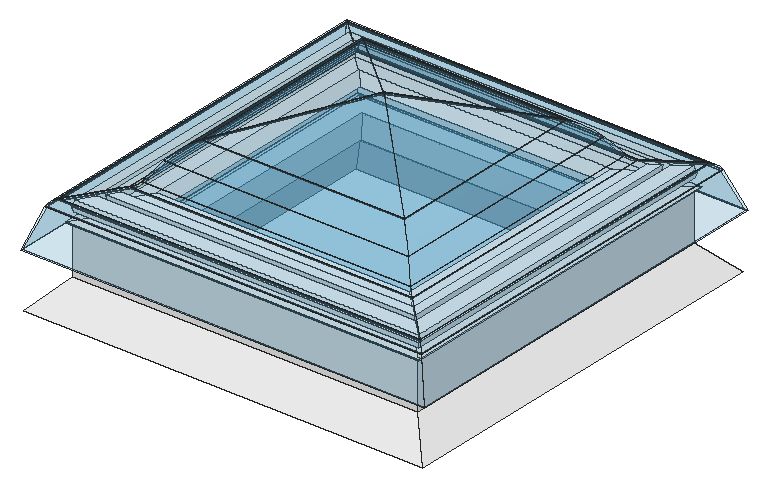
Revit family "CFP_Ver.2.5", category Windows, host Roof, Revit 2014
Parameters (values of type "CFP size 600x600 (060060)")
  g-value = "0.53"
  ZCE Visible = no
  ZCE Height = if(ZCE Visible, 160.000 mm, 0.000 mm)  # 0.000 mm
  Youtube clip = ""
  Within Standard Sizes = or(and(Width = 780.000 mm, Height = 780.000 mm), and(Width = 980.000 mm, Height = 980.000 mm), and(Width = 1080.000 mm, Height = 780.000 mm), and(Width = 1080.000 mm, Height = 1080.000 mm), and(Width = 1080.000 mm, Height = 1080.000 mm), and(Width = 1180.000 mm, Height = 1180.000 mm), and(Width = 1380.000 mm, Height = 1080.000 mm), and(Width = 1380.000 mm, Height = 1380.000 mm), and(Width = 1680.000 mm, Height = 1180.000 mm), and(Width = 1680.000 mm, Height = 1680.000 mm))  # yes
  WindowArea m² = 1.01
  Width Dome = Width - 180.000 mm  # 600.000 mm
  Width = 780.000 mm
  Water Tightness Class = "Passed"
  WarrantyStartDate = ""
  WarrantyGuarantorParts = ""
  WarrantyGuarantorLabour = ""
  WarrantyDurationParts = ""
  WarrantyDurationLabour = ""
  WarrantyDescription = ""
  Warranty Years = "10"
  VELUX Internal accessories = ""
  VELUX Installation products = ""
  VELUX External accessories = ""
  Ultraviolet Transmittance = "0.05"
  URL = "www.VELUX.com"
  ThermalTransmittance(window) W/(m²K) = 0.72
  ThermalTransmittance(glazing) W/(m²K) = 0.9
  ThermalTransmittance = "0.72"
  ThermalBridge(Installation) W/mK = 0.05
  Thermal Resistance (R) = "1.38888888888889"
  Technical description = "http://www.velux.co.uk/professional/products/flat-roof-windows/flat-roof-windows-dome/technical-details-fixed"
  TagNumber = ""
  SustainabilityPerformance = ""
  Specification Link = ""
  Sound Insulation db = "36"
  SmokeStop = no
  Size = "CFP size 600x600 (060060)"
  Shape = ""
  ServiceLifeType = ""
  ServiceLifeDuration = ""
  SerialNumber = ""
  SecurityRating = ""
  ReplacementCost = ""
  ReferenceStandard = "www.velux.com/ce"
  Reference = ""
  ProductionYear = ""
  Product certification = "www.velux.com/ce"
  Process = ""
  Placement Height = 0.000 mm
  PerimeterWindow m = 2.4
  Operation Mode = "Fixed"
  Offset from Roof = Placement Height + 400.000 mm  # 400.000 mm
  NominalWidth = "780"
  NominalLength = ""
  NominalHeight = "780"
  ModelReference = "CFP size 600x600 (060060)"
  ModelLabel = ""
  Model = "Flat roof window - CFP"
  MethodOfMeasurement = ""
  Material Internal = PVC Color NCS S 0502-Y
  Material External = Acrylic/PVC Color NCS S 0502-Y
  Material = "Acrylic/PVC Color NCS S 0502-Y"
  Manufacturer URL = "www.VELUX.com"
  Manufacturer = "VELUX A/S"  # constant formula
  Light transmittance = "0.72"
  LifeCyclePhase = ""
  Labeling - Environmental impact = ""
  IsExternal = yes
  InstallationDate = ""
  Installation instructions = "http://www.velux.co.uk/professional/products/installation-instructions#Flat roof windows"
  Infiltration = ""
  Height Dome = Height - 180.000 mm  # 600.000 mm
  Height = 780.000 mm
  Grade = ""
  GlazingAreaFraction = ""
  Glazing = 73FQT + ISD 0000
  GlassArea m² = 0.36
  Function = "Fixed flat roof window"
  FireRating = "E"
  Finish = "PVC Color NCS S 0502-Y"
  Features = "Fixed flat roof window"
  Emergency Exit = 1 > 2  # no
  Documentation = "http://www.professional.velux.co.uk/en-GB/Documents/Technical%20Specification%20sheets/V22%20Architects%20sheets%20updated/VELUXArchitects-CFP_CVP_flatroof-April2014.pdf"
  DocumentReference = ""
  Disclaimer = "When installing VELUX roof windows the costumer must make sure to meet local applicable building and fire requirements. VELUX shall not be liable for the objects/drawings and the constructional quality of the installation. Please contact VELUX for technical specifications of VELUX roof windows, flashings, installations products and internal/external accessories."
  Description = "http://www.velux.co.uk/products/flat-roof-windows/flat-roof-windows-dome"
  Date of publishing = ""
  Count = "1"
  Copyright = "VELUX A/S"  # constant formula
  Constituents = ""
  Colour = "Acrylic/PVC Color NCS S 0502-Y"
  CodePerformance = ""
  Coarse Profile = not(ZCE Visible)  # yes
  BarCode = ""
  AssetIdentifier = ""
  Assembly Code = "B3020110"
  Analytic Construction = "<None>"
  Allowed Roof Slope = "0°-15°"
  Air permeability Class = "4"
  AcousticRating = "36"
  AccessibilityPerformance = ""
  2d details = "http://www.velux.co.uk/professional/products/cad-bim/product-sectional-drawings/flat-roof-windows"
Reference planes
  plane 1 "Center (Front/Back)": y = 0
  plane 2 "Roof": z = 4000
  plane 3 "Center (Left/Right)": x = 0
  plane 4: x = -300
  plane 5: y = 300
  plane 6: x = 300
  plane 7: y = -300
  plane 8 "Roof Top": z = 4150
  plane 9: z = 4150
  plane 10 "Placement Height": z = 4150
  plane 11: y = 390
  plane 12: y = -390
  plane 13: x = -390
  plane 14: x = 390
  plane 15: z = 4550
Forms (mm)
  Sweep 1, solid, material "Acrylic/PVC Color NCS S 0502-Y" <- "Material External", detail levels fine
    path origin (-878.602, -4572, 4150) x (-1, 0, 0) y (0, -1, 0)
      loop
        line (-1178.602, -4272) -> (-1178.602, -4872) -> (-578.602, -4872) -> (-578.602, -4272) -> (-1178.602, -4272)
    profile origin (300, 0, 4150) x (-1, 0, 0) y (0, 0, 1)
      loop
        line (29.543, 0) -> (69.194, 82.99) -> (4.499, 82.99) -> (4.499, 157.08)
        arc (4.499, 157.08) -> (3.427, 159.378) -> (0.978, 160.035) r 3
        line (0.978, 160.035) -> (-44.675, 151.985) -> (-44.501, 150) -> (-36.501, 150) -> (-36.501, 54.661) -> (-90, 0) -> (29.543, 0)
  Sweep 2, solid, material "Acrylic/PVC Color NCS S 0502-Y" <- "Material External", visible <- "ZCE Visible", detail levels medium+fine
    path origin (-1812.686, -4572, 4150) x (-1, 0, 0) y (0, -1, 0)
      loop
        line (-1522.686, -4282) -> (-2102.686, -4282) -> (-2102.686, -4862) -> (-1522.686, -4862) -> (-1522.686, -4282)
    profile origin (-290, 0, 4150) x (-1, 0, 0) y (0, 0, 1)
      loop
        line (6, 0) -> (211, 0) -> (211, 3) -> (100, 9.475) -> (100, 160) -> (6, 160) -> (6, 0)
  Sweep 3, solid, material "Acrylic/PVC Color NCS S 0502-Y" <- "Material External", detail levels medium
    path origin (-878.602, -4572, 4150) x (-1, 0, 0) y (0, -1, 0)
      loop
        line (-1178.602, -4272) -> (-1178.602, -4872) -> (-578.602, -4872) -> (-578.602, -4272) -> (-1178.602, -4272)
    profile origin (300, 0, 4150) x (-1, 0, 0) y (0, 0, 1)
      loop
        line (29.543, 0) -> (69.194, 82.99) -> (4.499, 82.99) -> (4.499, 160.655) -> (-36.501, 153.426) -> (-36.501, 54.661) -> (-90, 0) -> (29.543, 0)
  Sweep 4, solid, material "Acrylic/PVC Color NCS S 0502-Y" <- "Material External", visible <- "ZCE Visible", detail levels coarse
    path origin (-1812.686, -4572, 4150) x (-1, 0, 0) y (0, -1, 0)
      loop
        line (-1512.686, -4272) -> (-2112.686, -4272) -> (-2112.686, -4872) -> (-1512.686, -4872) -> (-1512.686, -4272)
    profile origin (-300, 0, 4150) x (-1, 0, 0) y (0, 0, 1)
      loop
        line (-4, 0) -> (90, 0) -> (90, 160) -> (-4, 160) -> (-4, 0)
  Sweep 5, solid, material "Acrylic/PVC Color NCS S 0502-Y" <- "Material External", visible <- "ZCE Visible", detail levels coarse
    path origin (-878.602, -4572, 4150) x (-1, 0, 0) y (0, -1, 0)
      loop
        line (-1178.602, -4272) -> (-1178.602, -4872) -> (-578.602, -4872) -> (-578.602, -4272) -> (-1178.602, -4272)
    profile origin (300, 0, 4150) x (-1, 0, 0) y (0, 0, 1)
      loop
        line (-90, 0) -> (80.737, 0) -> (80.737, 143.375) -> (47.486, 143.375) -> (47.486, 167.375) -> (80.737, 167.375) -> (80.737, 205.132) -> (49.38, 205.132) -> (-36.501, 189.989) -> (-36.501, 54.661) -> (-90, 0)
  Sweep 6, solid, material "Acrylic/PVC Color NCS S 0502-Y" <- "Material External", visible <- "Coarse Profile", detail levels coarse
    path origin (-878.602, -4572, 4150) x (-1, 0, 0) y (0, -1, 0)
      loop
        line (-1178.602, -4272) -> (-1178.602, -4872) -> (-578.602, -4872) -> (-578.602, -4272) -> (-1178.602, -4272)
    profile origin (300, 0, 4150) x (-1, 0, 0) y (0, 0, 1)
      loop
        line (-90, 0) -> (80.737, 0) -> (80.737, 205.132) -> (49.38, 205.132) -> (-36.501, 189.989) -> (-36.501, 54.661) -> (-90, 0)
  Extrusion 7, solid, material "73FQT + ISD 0000" <- "Glazing", visible <- "Coarse Profile", detail levels coarse
    sketch origin (219.263, -219.263, 4150) x (1, 0, 0) y (0, -1, 0)
      loop
        line (-438.526, 0) -> (-438.526, -438.526) -> (0, -438.526) -> (0, 0) -> (-438.526, 0)
    from -167.375 to -143.375
  Extrusion 8, solid, material "73FQT + ISD 0000" <- "Glazing", visible <- "ZCE Visible", detail levels coarse
    sketch origin (252.514, -252.514, 4293.375) x (0, 1, 0) y (-1, 0, 0)
      loop
        line (505.028, 505.028) -> (0, 505.028) -> (0, 0) -> (505.028, 0) -> (505.028, 505.028)
    from 0 to 24
Lines and regions (mm)
  Opening 1
    outline origin (0, 0, 4150) x (0, 1, 0) y (-1, 0, 0)
      loop
        line (290, 290) -> (-290, 290) -> (-290, -290) -> (290, -290) -> (290, 290)
  reference lines
    curve 1: line (937.314, 0, 4309.375) -> (-300, 0, 4309.375)
    curve 2: line (337.314, 0, 4309.375) -> (337.314, 0, 4499.375)
    curve 3: line (337.314, 0, 4000) -> (337.314, 300, 4000)
    curve 4: line (937.314, 0, 4309.375) -> (142.62, 0, 4309.375)
Dimensions and locks
  equal spacing: host sketch curve, plane 3 "Center (Left/Right)", host sketch curve
  equal spacing: host sketch curve, plane 1 "Center (Front/Back)", host sketch curve
  equal spacing: plane 4, plane 3 "Center (Left/Right)", plane 6
  "Width": plane 13 to plane 14
  equal spacing: plane 5, plane 1 "Center (Front/Back)", plane 7
  "Height": plane 11 to plane 12
  locked: plane 6 to curve 3 at 37.314
  locked: curve 2 to plane 6 at 37.314
  locked: host roof to plane 8 "Roof Top"
  "ZCE Height": plane 9 to plane 10 "Placement Height"
  locked: plane 11 to plane 5 at 90
  locked: plane 12 to plane 7 at 90
  locked: plane 13 to plane 4 at 90
  locked: plane 6 to plane 14 at 90
  locked: plane 4 to Opening 1 sketch curve at 10
  locked: plane 7 to Opening 1 sketch curve at 10
  locked: plane 5 to Opening 1 sketch curve at 10
  locked: Opening 1 sketch curve to plane 6 at 10
  locked: plane 15 to plane 10 "Placement Height" at 400
  "Offset from Roof": plane 15 to host roof
  locked: nested 1 to plane 9 at 159.378
  locked: curve 4 to curve 1 (angle 0.00000°)
  aligned and locked: level to plane 2 "Roof"
  aligned and locked: plane 6 to Sweep 1 sketch curve
  aligned and locked: Sweep 1 sketch curve to plane 5
  aligned and locked: Sweep 1 sketch curve to plane 4
  aligned and locked: plane 7 to Sweep 1 sketch curve
  aligned and locked: profile plane to Sweep 1 sketch curve
  aligned and locked: Sweep 2 sketch curve to host roof  (x4)
  aligned and locked: plane 10 "Placement Height" to Sweep 2 sketch curve
  aligned and locked: profile plane to Sweep 3 sketch curve
  aligned and locked: profile plane to Sweep 5 sketch curve
  aligned and locked: profile plane to Sweep 6 sketch curve
  aligned and locked: Extrusion 7 sketch curve to Sweep 6  (x4)
  aligned and locked: Extrusion 8 sketch curve to Sweep 5  (x4)
  aligned and locked: Extrusion 8 to Sweep 5
Automatic sketch dimensions
  curve 3 to plane 5 = 0.000 mm
  plane 1 "Center (Front/Back)" to curve 3 = 0.000 mm
  curve 1 to curve 2 = 190.000 mm
  plane 4 to curve 1 = 0.000 mm
  curve 1 to plane 8 "Roof Top" = 159.375 mm
  profile plane to Sweep 1 sketch curve = 44.675 mm
  Sweep 1 sketch curve to Sweep 1 sketch curve = 0.174 mm
  Sweep 1 sketch curve to Sweep 1 sketch curve = 8.000 mm
  Sweep 1 sketch curve to profile plane = 0.978 mm
  Sweep 1 sketch curve to profile plane = 1.499 mm
  Sweep 1 sketch curve to profile plane = 4.499 mm
  Sweep 1 sketch curve to profile plane = 29.543 mm
  Sweep 1 sketch curve to Sweep 1 sketch curve = 64.695 mm
  Sweep 1 sketch curve to Sweep 1 sketch curve = 67.010 mm
  Sweep 1 sketch curve to Sweep 1 sketch curve = 1.985 mm
  Sweep 1 sketch curve to Sweep 1 sketch curve = 7.080 mm
  Sweep 1 sketch curve to Sweep 1 sketch curve = 53.499 mm
  profile plane to Sweep 1 sketch curve = 54.661 mm
  profile plane to Sweep 1 sketch curve = 82.990 mm
  Sweep 2 sketch curve to profile plane = 6.000 mm
  profile plane to Sweep 2 sketch curve = 9.475 mm
  Sweep 2 sketch curve to Sweep 2 sketch curve = 94.000 mm
  profile plane to Sweep 2 sketch curve = 3.000 mm
  Sweep 2 sketch curve to Sweep 2 sketch curve = 111.000 mm
  profile plane to Sweep 2 sketch curve = 160.000 mm
  Sweep 3 sketch curve to plane 5 = 0.000 mm
  Sweep 3 sketch curve to plane 6 = 0.000 mm
  Sweep 3 sketch curve to plane 4 = 0.000 mm
  plane 7 to Sweep 3 sketch curve = 0.000 mm
  profile plane to Sweep 3 sketch curve = 90.000 mm
  Sweep 3 sketch curve to profile plane = 29.543 mm
  Sweep 3 sketch curve to Sweep 3 sketch curve = 64.695 mm
  plane 9 to Sweep 3 sketch curve = 54.661 mm
  plane 9 to Sweep 3 sketch curve = 82.990 mm
  Sweep 3 sketch curve to profile plane = 4.499 mm
  profile plane to Sweep 3 sketch curve = 36.501 mm
  Sweep 3 sketch curve to Sweep 3 sketch curve = 70.436 mm
  Sweep 3 sketch curve to Sweep 3 sketch curve = 7.229 mm
  Sweep 4 sketch curve to plane 6 = 0.000 mm
  Sweep 4 sketch curve to plane 4 = 0.000 mm
  Sweep 4 sketch curve to plane 5 = 0.000 mm
  plane 7 to Sweep 4 sketch curve = 0.000 mm
  profile plane to Sweep 4 sketch curve = 4.000 mm
  plane 10 "Placement Height" to Sweep 4 sketch curve = 0.000 mm
  Sweep 4 sketch curve to Sweep 4 sketch curve = 94.000 mm
  plane 10 "Placement Height" to Sweep 4 sketch curve = 160.000 mm
  Sweep 5 sketch curve to plane 5 = 0.000 mm
  Sweep 5 sketch curve to plane 6 = 0.000 mm
  Sweep 5 sketch curve to plane 4 = 0.000 mm
  plane 7 to Sweep 5 sketch curve = 0.000 mm
  Sweep 6 sketch curve to plane 5 = 0.000 mm
  Sweep 6 sketch curve to plane 6 = 0.000 mm
  Sweep 6 sketch curve to plane 4 = 0.000 mm
  plane 7 to Sweep 6 sketch curve = 0.000 mm
  profile plane to Sweep 6 sketch curve = 90.000 mm
  profile plane to Sweep 6 sketch curve = 36.501 mm
  plane 9 to Sweep 6 sketch curve = 54.661 mm
  Sweep 6 sketch curve to Sweep 6 sketch curve = 135.328 mm
  Sweep 6 sketch curve to Sweep 6 sketch curve = 15.143 mm
  Sweep 6 sketch curve to profile plane = 49.380 mm
  Sweep 6 sketch curve to profile plane = 80.737 mm
  profile plane to Sweep 5 sketch curve = 90.000 mm
  profile plane to Sweep 5 sketch curve = 36.501 mm
  Sweep 5 sketch curve to profile plane = 47.486 mm
  Sweep 5 sketch curve to Sweep 5 sketch curve = 1.894 mm
  Sweep 5 sketch curve to Sweep 5 sketch curve = 31.357 mm
  Sweep 5 sketch curve to profile plane = 80.737 mm
  plane 9 to Sweep 5 sketch curve = 54.661 mm
  plane 9 to Sweep 5 sketch curve = 143.375 mm
  Sweep 5 sketch curve to Sweep 5 sketch curve = 24.000 mm
  Sweep 5 sketch curve to Sweep 5 sketch curve = 22.614 mm
  Sweep 5 sketch curve to Sweep 5 sketch curve = 37.757 mm
Nested families
  nested 1: "CVP v.22_Openable" at (1.927, 0, 4149.678), type "CVP v.22_Openable"
    with Width 600.000 mm, Height 600.000 mm, Half Width 297.490 mm, Half Height 297.490 mm, Dome Profile Length Addition 373.400 mm, Dome Profile Length 297.490 mm
Definition of nested family "CVP v.22_Openable"
  Parameters (values of type "CVP v.22_Openable")
    Width = 780.000 mm
    Rough Width = 0.000 mm
    Rough Height = 0.000 mm
    Material Internal = PVC Color NCS S 0502-Y
    Height = 780.000 mm
    Half Width = (Width / 2) - 2.510 mm  # 387.490 mm
    Half Height = (Height / 2) - 2.510 mm  # 387.490 mm
    Glazing = 73FQT + ISD 0000
    Dome Profile Length Addition = Dome Profile Length + 75.910 mm  # 463.400 mm
    Dome Profile Length = if((Half Width < Half Height), Half Width, Half Height)  # 387.490 mm
    Construction Type = "0"
    Angle = 0.00000°
  Reference planes
    plane 1 "Center (Front/Back)": y = 0
    plane 2: z = 0
    plane 3 "Center (Left/Right)": x = 0
    plane 4: x = -390
    plane 5: x = 390
    plane 6: z = 159.7
    plane 7: x = 465.91
    plane 8: y = 687.506
    plane 9: y = -687.506
  Forms (mm)
    Sweep 1, solid, material "73FQT + ISD 0000" <- "Glazing"
      path origin (465.91, 0, 159.7) x (-1, 0, 0) y (0, -1, 0)
        loop
          line (75.91, 390) -> (75.91, -390) -> (855.91, -390) -> (855.91, 390) -> (75.91, 390)
      profile origin (390, 0, 159.7) x (-1, 0, 0) y (0, 0, 1)
        loop
          line (-94.525, -52.518) -> (-91.331, -52.518) -> (-64.762, 20.284)
          arc (-64.762, 20.284) -> (-59.713, 27.484) -> (-51.742, 31.197) r 17
          line (-51.742, 31.197) -> (25.139, 44.744)
          arc (25.139, 44.744) -> (33.521, 48.007) -> (40.011, 54.236) r 23
          line (40.011, 54.236) -> (63.884, 88.456)
          arc (63.884, 88.456) -> (81.451, 107.565) -> (103.456, 121.332) r 97
          line (103.456, 121.332) -> (102.219, 124.065)
          arc (102.219, 124.065) -> (79.534, 109.873) -> (61.424, 90.172) r 100
          line (61.424, 90.172) -> (37.55, 55.952)
          arc (37.55, 55.952) -> (31.907, 50.536) -> (24.618, 47.699) r 20
          line (24.618, 47.699) -> (-52.263, 34.152)
          arc (-52.263, 34.152) -> (-61.641, 29.783) -> (-67.58, 21.312) r 20
          line (-67.58, 21.312) -> (-94.525, -52.518)
    Sweep 2, solid, material "73FQT + ISD 0000" <- "Glazing"
      path origin (465.91, 0, 159.7) x (-1, 0, 0) y (0, -1, 0)
        loop
          line (75.91, 390) -> (75.91, -390) -> (855.91, -390) -> (855.91, 390) -> (75.91, 390)
      profile origin (390, 0, 159.7) x (-1, 0, 0) y (0, 0, 1)
        loop
          arc (387.49, 209.247) -> (243.001, 172.863) -> (102.219, 124.065) r 1713.484
          line (102.219, 124.065) -> (103.457, 121.329)
          arc (103.457, 121.329) -> (243.632, 169.921) -> (387.49, 206.183) r 1710.484
          line (387.49, 206.183) -> (387.49, 209.247)
    Sweep 3, solid, material "PVC Color NCS S 0502-Y" <- "Material Internal", detail levels fine
      path origin (465.91, 0, 159.7) x (-1, 0, 0) y (0, -1, 0)
        loop
          line (75.91, 390) -> (75.91, -390) -> (855.91, -390) -> (855.91, 390) -> (75.91, 390)
      profile origin (390, 0, 159.7) x (1, 0, 0) y (0, 0, 1)
        loop
          line (35.03, 30.869) -> (11.099, 35.088) -> (9.015, 23.271) -> (0.152, 24.833) -> (2.236, 36.651) -> (-14.211, 39.551) -> (-16.289, 27.763) -> (-53.779, 34.374) -> (-62.6, 11.393) -> (-36.6, 11.393) -> (-36.6, -20.207) -> (-80.765, -20.207) -> (-75.3, -72.207) -> (-55.1, -72.207) -> (-55.1, -63.407) -> (-21.1, -63.407) -> (-21.1, -44.907) -> (-12.6, -44.907) -> (-12.6, 7.79) -> (-2.601, 16.18) -> (36.603, 9.267) -> (38.166, 18.131) -> (20.833, 21.187) -> (21.701, 26.111) -> (37.029, 23.408) -> (35.03, 30.869)
    Sweep 4, solid, material "PVC Color NCS S 0502-Y" <- "Material Internal", detail levels medium
      path origin (465.91, 0, 159.7) x (-1, 0, 0) y (0, -1, 0)
        loop
          line (855.91, -390) -> (855.91, 390) -> (75.91, 390) -> (75.91, -390) -> (855.91, -390)
      profile origin (390, 0, 159.7) x (1, 0, 0) y (0, 0, 1)
        loop
          line (-36.6, -20.207) -> (-80.765, -20.207) -> (-75.3, -72.207) -> (-12.6, -72.207) -> (-12.6, 17.943) -> (36.603, 9.267) -> (40.249, 29.948) -> (-49.409, 45.758) -> (-62.6, 11.393) -> (-36.6, 11.393) -> (-36.6, -20.207)
    Extrusion 5, solid, material "73FQT + ISD 0000" <- "Glazing", detail levels fine
      sketch origin (465.91, 0, 159.7) x (-1, 0, 0) y (0, -1, 0)
        loop
          line (855.91, 390) -> (75.91, 390) -> (75.91, -390) -> (855.91, -390) -> (855.91, 390)
      from -16 to -12
    Extrusion 6, solid, material "73FQT + ISD 0000" <- "Glazing", detail levels fine
      sketch origin (465.91, 0, 159.7) x (-1, 0, 0) y (0, -1, 0)
        loop
          line (855.91, 390) -> (75.91, 390) -> (75.91, -390) -> (855.91, -390) -> (855.91, 390)
      from 4 to 8
    Extrusion 7, solid, material "73FQT + ISD 0000" <- "Glazing", detail levels medium
      sketch origin (465.91, 0, 159.7) x (-1, 0, 0) y (0, -1, 0)
        loop
          line (855.91, 390) -> (75.91, 390) -> (75.91, -390) -> (855.91, -390) -> (855.91, 390)
      from -16 to 8
    Extrusion 8, solid, material "73FQT + ISD 0000" <- "Glazing", detail levels medium+fine
      sketch origin (465.91, 0, 159.7) x (-1, 0, 0) y (0, -1, 0)
        loop
          line (468.42, -2.51) -> (468.42, 2.51) -> (463.4, 2.51) -> (463.4, -2.51) -> (468.42, -2.51)
      from 206.183 to 209.247
    Sweep 9, void
      path origin (465.91, 0, 159.7) x (-1, 0, 0) y (0, -1, 0)
        loop
          line (855.91, 390) -> (75.91, 390) -> (75.91, -390) -> (855.91, -390) -> (855.91, 390)
      profile origin (390, 0, 159.7) x (-1, 0, 0) y (0, 0, 1)
        loop
          line (0, -16) -> (47.5, -16) -> (47.5, 8) -> (0, 8) -> (0, -16)
  Cuts and joins
    Sweep 9 cuts Extrusion 5
    Sweep 9 cuts Extrusion 7
    Sweep 9 cuts Extrusion 6
  Lines and regions (mm)
    reference lines
      curve 1: line (465.91, 0, 159.7) -> (-1034.09, 0, 159.7)
      curve 2: line (465.91, 0, 159.7) -> (465.91, 0, 999.7)
      curve 3: line (465.91, 0, 999.7) -> (2.51, 0, 999.7)
  Dimensions and locks
    equal spacing: plane 4, plane 3 "Center (Left/Right)", plane 5
    "Height": plane 4 to plane 5
    locked: plane 6 to level at 159.7
    "Dome Profile Length Addition": curve 3 to curve 3
    locked: plane 5 to plane 7 at 75.91
    equal spacing: Sweep 1 sketch curve, curve 1, Sweep 1 sketch curve
    "Width": Sweep 1 sketch curve to Sweep 1 sketch curve
    locked: Sweep 1 sketch curve to curve 2 at 75.91
    "Height": Sweep 1 sketch curve to Sweep 1 sketch curve
    equal spacing: Sweep 2 sketch curve, curve 1, Sweep 2 sketch curve
    "Width": Sweep 2 sketch curve to Sweep 2 sketch curve
    "Height": Sweep 2 sketch curve to Sweep 2 sketch curve
    locked: Sweep 2 sketch curve to curve 2 at 75.91
    equal spacing: Sweep 3 sketch curve, curve 1, Sweep 3 sketch curve
    "Width": Sweep 3 sketch curve to Sweep 3 sketch curve
    locked: Sweep 3 sketch curve to curve 2 at 75.91
    "Height": Sweep 3 sketch curve to Sweep 3 sketch curve
    equal spacing: Sweep 4 sketch curve, curve 1, Sweep 4 sketch curve
    "Width": Sweep 4 sketch curve to Sweep 4 sketch curve
    locked: Sweep 4 sketch curve to curve 2 at 75.91
    "Height": Sweep 4 sketch curve to Sweep 4 sketch curve
    equal spacing: Extrusion 5 sketch curve, curve 1, Extrusion 5 sketch curve
    "Width": Extrusion 5 sketch curve to Extrusion 5 sketch curve
    locked: Extrusion 5 sketch curve to curve 2 at 75.91
    "Height": Extrusion 5 sketch curve to Extrusion 5 sketch curve
    equal spacing: Extrusion 6 sketch curve, curve 1, Extrusion 6 sketch curve
    "Width": Extrusion 6 sketch curve to Extrusion 6 sketch curve
    locked: Extrusion 6 sketch curve to curve 2 at 75.91
    "Height": Extrusion 6 sketch curve to Extrusion 6 sketch curve
    equal spacing: Extrusion 7 sketch curve, curve 1, Extrusion 7 sketch curve
    "Width": Extrusion 7 sketch curve to Extrusion 7 sketch curve
    locked: Extrusion 7 sketch curve to curve 2 at 75.91
    "Height": Extrusion 7 sketch curve to Extrusion 7 sketch curve
    plane 9 to plane 8 = 1375.012 mm
    equal spacing: Sweep 9 sketch curve, curve 1, Sweep 9 sketch curve
    "Width": Sweep 9 sketch curve to Sweep 9 sketch curve
    locked: Sweep 9 sketch curve to curve 2 at 75.91
    "Height": Sweep 9 sketch curve to Sweep 9 sketch curve
    locked: profile plane to Sweep 1 sketch curve at 14.455
    locked: profile plane to Sweep 1 sketch curve at 67.395
    locked: profile plane to Sweep 1 sketch curve at 32.955
    locked: Sweep 1 sketch curve to profile plane at 48.792
    locked: profile plane to Sweep 1 sketch curve at 21.148
    locked: profile plane to Sweep 1 sketch curve at 143.438
    "Dome Profile Length Addition": curve 2 to Sweep 2 sketch curve
    "Angle": angle curve 1 to plane 6
    aligned and locked: plane 7 to curve 1
    aligned and locked: plane 6 to curve 1
    aligned and locked: Extrusion 8 sketch curve to Sweep 2  (x4)
    aligned and locked: Sweep 2 sketch curve to Sweep 1
    aligned and locked: Extrusion 8 to Sweep 2  (x2)
  Automatic sketch dimensions
    Sweep 1 sketch curve to Sweep 1 sketch curve = 0.000 mm  (x6)
    Sweep 1 sketch curve to Sweep 1 sketch curve = 2.950 mm
    Sweep 1 sketch curve to Sweep 1 sketch curve = 15.838 mm
    Sweep 1 sketch curve to profile plane = 52.518 mm
    Sweep 1 sketch curve to Sweep 1 sketch curve = 26.945 mm
    Sweep 1 sketch curve to Sweep 1 sketch curve = 3.991 mm
    Sweep 1 sketch curve to Sweep 1 sketch curve = 12.412 mm
    Sweep 1 sketch curve to Sweep 1 sketch curve = 2.460 mm  (x2)
    Sweep 1 sketch curve to Sweep 1 sketch curve = 23.874 mm
    Sweep 1 sketch curve to Sweep 1 sketch curve = 38.335 mm
    Sweep 1 sketch curve to Sweep 1 sketch curve = 1.237 mm
    Sweep 1 sketch curve to Sweep 1 sketch curve = 6.857 mm
    Sweep 1 sketch curve to Sweep 1 sketch curve = 16.742 mm
    Sweep 1 sketch curve to Sweep 1 sketch curve = 22.651 mm
    Sweep 1 sketch curve to Sweep 1 sketch curve = 1.717 mm
    Sweep 1 sketch curve to Sweep 1 sketch curve = 34.220 mm
    Sweep 1 sketch curve to Sweep 1 sketch curve = 2.733 mm
    Sweep 1 sketch curve to Sweep 1 sketch curve = 0.521 mm  (x2)
    Sweep 1 sketch curve to Sweep 1 sketch curve = 2.818 mm
    Sweep 1 sketch curve to Sweep 1 sketch curve = 3.194 mm
    profile plane to Sweep 3 sketch curve = 80.765 mm
    Sweep 3 sketch curve to profile plane = 72.207 mm
    Sweep 3 sketch curve to Sweep 3 sketch curve = 5.465 mm
    Sweep 3 sketch curve to Sweep 3 sketch curve = 18.165 mm
    Sweep 3 sketch curve to Sweep 3 sketch curve = 20.200 mm
    Sweep 3 sketch curve to Sweep 3 sketch curve = 8.821 mm
    Sweep 3 sketch curve to Sweep 3 sketch curve = 26.000 mm
    Sweep 3 sketch curve to Sweep 3 sketch curve = 15.500 mm
    Sweep 3 sketch curve to Sweep 3 sketch curve = 20.311 mm
    Sweep 3 sketch curve to Sweep 3 sketch curve = 2.079 mm
    Sweep 3 sketch curve to Sweep 3 sketch curve = 8.500 mm
    Sweep 3 sketch curve to Sweep 3 sketch curve = 9.999 mm
    Sweep 3 sketch curve to Sweep 3 sketch curve = 2.753 mm
    Sweep 3 sketch curve to Sweep 3 sketch curve = 2.084 mm  (x2)
    Sweep 3 sketch curve to Sweep 3 sketch curve = 8.864 mm
    Sweep 3 sketch curve to Sweep 3 sketch curve = 8.863 mm  (x2)
    Sweep 3 sketch curve to Sweep 3 sketch curve = 11.817 mm
    Sweep 3 sketch curve to Sweep 3 sketch curve = 0.868 mm
    Sweep 3 sketch curve to Sweep 3 sketch curve = 13.329 mm
    Sweep 3 sketch curve to Sweep 3 sketch curve = 15.770 mm
    Sweep 3 sketch curve to Sweep 3 sketch curve = 1.999 mm
    Sweep 3 sketch curve to Sweep 3 sketch curve = 1.137 mm
    Sweep 3 sketch curve to Sweep 3 sketch curve = 8.800 mm
    Sweep 3 sketch curve to Sweep 3 sketch curve = 18.500 mm
    Sweep 3 sketch curve to Sweep 3 sketch curve = 43.200 mm
    Sweep 3 sketch curve to Sweep 3 sketch curve = 27.997 mm
    Sweep 3 sketch curve to Sweep 3 sketch curve = 3.603 mm
    Sweep 3 sketch curve to Sweep 3 sketch curve = 8.390 mm
    Sweep 3 sketch curve to Sweep 3 sketch curve = 3.056 mm
    Sweep 3 sketch curve to Sweep 3 sketch curve = 5.278 mm
    Sweep 3 sketch curve to Sweep 3 sketch curve = 1.563 mm  (x2)
    Sweep 3 sketch curve to Sweep 3 sketch curve = 4.924 mm
    Sweep 3 sketch curve to Sweep 3 sketch curve = 2.930 mm
    Sweep 3 sketch curve to Sweep 3 sketch curve = 7.460 mm
    Sweep 3 sketch curve to Sweep 3 sketch curve = 22.981 mm
    Sweep 3 sketch curve to Sweep 3 sketch curve = 11.818 mm
    Sweep 3 sketch curve to Sweep 3 sketch curve = 11.788 mm
    profile plane to Sweep 3 sketch curve = 9.267 mm
    profile plane to Sweep 4 sketch curve = 80.765 mm
    Sweep 4 sketch curve to Sweep 4 sketch curve = 5.465 mm
    Sweep 4 sketch curve to Sweep 4 sketch curve = 18.165 mm
    Sweep 4 sketch curve to Sweep 4 sketch curve = 13.191 mm
    Sweep 4 sketch curve to Sweep 4 sketch curve = 26.000 mm
    Sweep 4 sketch curve to Sweep 4 sketch curve = 24.000 mm
    Sweep 4 sketch curve to Sweep 4 sketch curve = 3.647 mm
    Sweep 4 sketch curve to profile plane = 72.207 mm
    Sweep 4 sketch curve to Sweep 4 sketch curve = 52.000 mm
    Sweep 4 sketch curve to Sweep 4 sketch curve = 29.474 mm
    Sweep 4 sketch curve to Sweep 4 sketch curve = 31.600 mm
    Sweep 4 sketch curve to Sweep 4 sketch curve = 6.550 mm
    Sweep 4 sketch curve to Sweep 4 sketch curve = 20.680 mm
    Sweep 4 sketch curve to Sweep 4 sketch curve = 34.365 mm
    Sweep 4 sketch curve to profile plane = 36.603 mm
    Sweep 9 sketch curve to profile plane = 0.000 mm
    profile plane to Sweep 9 sketch curve = 8.000 mm
    Sweep 9 sketch curve to profile plane = 47.500 mm
    Sweep 9 sketch curve to profile plane = 16.000 mm
    curve 2 to curve 1 = 0.000 mm  (x2)
    curve 2 to curve 1 = 840.000 mm
    Sweep 2 sketch curve to Sweep 2 sketch curve = 0.000 mm  (x2)
    Sweep 2 sketch curve to profile plane = 103.457 mm
    Sweep 2 sketch curve to Sweep 2 sketch curve = 1.238 mm
    Sweep 2 sketch curve to profile plane = 733.254 mm
    Sweep 2 sketch curve to profile plane = 1468.989 mm
Types in the file's own list only (8): name | g-value | Width Dome | Width | ThermalTransmittance | Thermal Resistance (R) | Technical description | Size | PerimeterWindow m | NominalWidth | NominalHeight | ModelReference | Manufacturer URL | Light transmittance | Installation instructions | Height Dome | Height | Glazing | 2d details
  CFP size 800x800 (080080) | "0.53" | 800.000 mm | 980.000 mm | "0.72" | "1.39" | "http://www.professional.velux.co.uk/en-GB/Documents/Technical%20Specification%20sheets/V22%20Architects%20sheets%20updated/VELUXArchitects-CFP_CVP_flatroof-April2014.pdf" | "CFP size 800x800 (080080)" | 3.2 | "980" | "980" | "CFP size 800x800 (080080)" | "VELUX A/S" | "0.72" | "http://www.professional.velux.co.uk/en-GB/PublishingImages/PDFs/CFP%20451997-2012-06[2].pdf" | 800.000 mm | 980.000 mm | 73FQT + ISD 0000 | "http://www.professional.velux.co.uk/professionals/architects/tools/drawings/single?_ga=1.154369528.1791306213.1433146440"
  CFP size 600x900 (060090) | "0.53" | 900.000 mm | 1080.000 mm | "0.72" | "1.39" | "http://www.professional.velux.co.uk/en-GB/Documents/Technical%20Specification%20sheets/V22%20Architects%20sheets%20updated/VELUXArchitects-CFP_CVP_flatroof-April2014.pdf" | "CFP size 600x900 (060090)" | 3 | "1080" | "780" | "CFP size 600x900 (060090)" | "VELUX A/S" | "0.72" | "http://www.professional.velux.co.uk/en-GB/PublishingImages/PDFs/CFP%20451997-2012-06[2].pdf" | 600.000 mm | 780.000 mm | 73FQT + ISD 0000 | "http://www.professional.velux.co.uk/professionals/architects/tools/drawings/single?_ga=1.154369528.1791306213.1433146440"
  CFP size 900x900 (090090) | "0.53" | 900.000 mm | 1080.000 mm | "0.72" | "1.39" | "http://www.professional.velux.co.uk/en-GB/Documents/Technical%20Specification%20sheets/V22%20Architects%20sheets%20updated/VELUXArchitects-CFP_CVP_flatroof-April2014.pdf" | "CFP size 900x900 (090090)" | 3.6 | "1080" | "1080" | "CFP size 900x900 (090090)" | "VELUX A/S" | "0.72" | "http://www.professional.velux.co.uk/en-GB/PublishingImages/PDFs/CFP%20451997-2012-06[2].pdf" | 900.000 mm | 1080.000 mm | 73FQT + ISD 0000 | "http://www.professional.velux.co.uk/professionals/architects/tools/drawings/single?_ga=1.154369528.1791306213.1433146440"
  CFP size 1000x1000 (100100) | "0.53" | 1000.000 mm | 1180.000 mm | "0.72" | "1.39" | "http://www.professional.velux.co.uk/en-GB/Documents/Technical%20Specification%20sheets/V22%20Architects%20sheets%20updated/VELUXArchitects-CFP_CVP_flatroof-April2014.pdf" | "CFP size 1000x1000 (100100)" | 4 | "1180" | "1180" | "CFP size 1000x1000 (100100)" | "VELUX A/S" | "0.72" | "http://www.professional.velux.co.uk/en-GB/PublishingImages/PDFs/CFP%20451997-2012-06[2].pdf" | 1000.000 mm | 1180.000 mm | 73FQT + ISD 0000 | "http://www.professional.velux.co.uk/professionals/architects/tools/drawings/single?_ga=1.154369528.1791306213.1433146440"
  CFP size 900x1200 (090120) | "0.53" | 1200.000 mm | 1380.000 mm | "0.72" | "1.39" | "http://www.professional.velux.co.uk/en-GB/Documents/Technical%20Specification%20sheets/V22%20Architects%20sheets%20updated/VELUXArchitects-CFP_CVP_flatroof-April2014.pdf" | "CFP size 900x1200 (090120)" | 4.2 | "1380" | "1080" | "CFP size 900x1200 (090120)" | "VELUX A/S" | "0.72" | "http://www.professional.velux.co.uk/en-GB/PublishingImages/PDFs/CFP%20451997-2012-06[2].pdf" | 900.000 mm | 1080.000 mm | 73FQT + ISD 0000 | "http://www.professional.velux.co.uk/professionals/architects/tools/drawings/single?_ga=1.154369528.1791306213.1433146440"
  CFP size 1200x1200 (120120) | "0.53" | 1200.000 mm | 1380.000 mm | "0.72" | "1.39" | "http://www.professional.velux.co.uk/en-GB/Documents/Technical%20Specification%20sheets/V22%20Architects%20sheets%20updated/VELUXArchitects-CFP_CVP_flatroof-April2014.pdf" | "CFP size 1200x1200 (120120)" | 4.8 | "1380" | "1380" | "CFP size 1200x1200 (120120)" | "VELUX A/S" | "0.72" | "http://www.professional.velux.co.uk/en-GB/PublishingImages/PDFs/CFP%20451997-2012-06[2].pdf" | 1200.000 mm | 1380.000 mm | 73FQT + ISD 0000 | "http://www.professional.velux.co.uk/professionals/architects/tools/drawings/single?_ga=1.154369528.1791306213.1433146440"
  CFP size 1000x1500 (100150) | "0.53" | 1500.000 mm | 1680.000 mm | "0.72" | "1.39" | "http://www.professional.velux.co.uk/en-GB/Documents/Technical%20Specification%20sheets/V22%20Architects%20sheets%20updated/VELUXArchitects-CFP_CVP_flatroof-April2014.pdf" | "CFP size 1000x1500 (100150)" | 5 | "1680" | "1180" | "CFP size 1000x1500 (100150)" | "VELUX A/S" | "0.72" | "http://www.professional.velux.co.uk/en-GB/PublishingImages/PDFs/CFP%20451997-2012-06[2].pdf" | 1000.000 mm | 1180.000 mm | 73FQT + ISD 0000 | "http://www.professional.velux.co.uk/professionals/architects/tools/drawings/single?_ga=1.154369528.1791306213.1433146440"
  CFP size 1500x1500 (150150) | "0.5" | 1500.000 mm | 1680.000 mm | "0.75" | "1.33" | "http://www.professional.velux.co.uk/en-GB/Documents/Technical%20Specification%20sheets/V22%20Architects%20sheets%20updated/VELUXArchitects-CFP_CVP_flatroof-April2014.pdf" | "CFP size 1500x1500 (150150)" | 6 | "1680" | "1680" | "CFP size 1500x1500 (150150)" | "VELUX A/S" | "0.68" | "http://www.professional.velux.co.uk/en-GB/PublishingImages/PDFs/CFP%20451997-2012-06[2].pdf" | 1500.000 mm | 1680.000 mm | 63Q + ISD 0000 | "http://www.professional.velux.co.uk/professionals/architects/tools/drawings/single?_ga=1.154369528.1791306213.1433146440"
